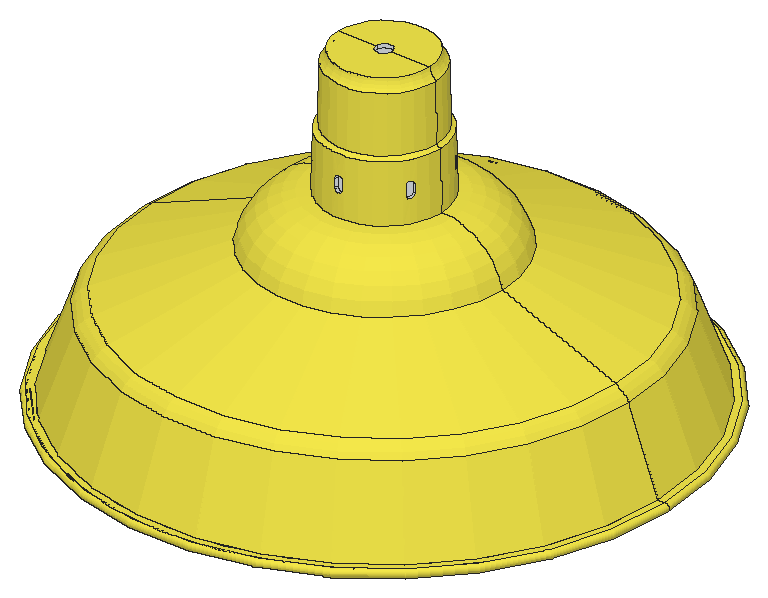
Revit family "V218 SHADE", category Lighting Fixtures, Revit 2024
Family settings
  Round Connector Dimension = Use Diameter
  Part Type = Normal
  OmniClass Number = 23.80.70.00
  OmniClass Title = Lighting
  Work Plane-Based = No
  Always vertical = Yes
  Cut with Voids When Loaded = No
  Light Source = Yes
  Maintain Annotation Orientation = No
  Shared = No
  Room Calculation Point = No
Parameters
  Wattage = 12.1178 W
  built-in parameter 1150110 = 1 (stored number, unit not read)
  built-in parameter 1114217 = 1 (stored number, unit not read)
  built-in parameter 1150109 = 1 (stored number, unit not read)
  built-in parameter 1150134 = (empty or 0)
  built-in parameter 1150113 = 1 (stored number, unit not read)
  Lumens = 1800 lm
  built-in parameter 1150115 = 1 (stored number, unit not read)
  built-in parameter 1150105 = 572.96 (stored number, unit not read)
  Light Source Symbol Size = 2' - 0"
  built-in parameter 1150137 = (empty or 0)
  built-in parameter 1150139 = (empty or 0)
  built-in parameter 1150112 = 1 (stored number, unit not read)
  built-in parameter 1150114 = 1 (stored number, unit not read)
  built-in parameter 1150132 = 2
  built-in parameter 1150102 = (empty or 0)
  built-in parameter 1150138 = (empty or 0)
  built-in parameter 1150107 = 3000 (stored number, unit not read)
  built-in parameter 1150106 = 5.7296 (stored number, unit not read)
  built-in parameter 1150104 = 13.8 (stored number, unit not read)
  Dimming Lamp Color Temperature Shift = (empty or 0)
  Default Elevation = 0' - 0"
  Color Filter = 16777215
  built-in parameter 1114218 = 1 (stored number, unit not read)
  built-in parameter 1150133 = 10 (stored number, unit not read)
Reference planes (in)
  plane 1 "Light Source Axis (F/B)": y = 0
  plane 2: z = 0
  plane 3 "Light Source Axis (L/R)": x = 0
  plane 4 "Light Source Elevation": z = 54
Forms (in)
  Revolve 1, solid
    sketch origin (0, 0, 0) x (1, 0, 0) y (0, 0, 1)
      loop
        arc (-1.44752, 64) -> (-1.5071, 63.81104) -> (-1.62252, 63.65) r 0.62879
        line (-1.62252, 63.65) -> (-1.64989, 61.9)
        arc (-1.64989, 61.9) -> (-1.70573, 61.83898) -> (-1.77869, 61.8) r 0.2452
        line (-1.77869, 61.8) -> (-1.80609, 60)
        arc (-1.80609, 60) -> (-3.03897, 59.59089) -> (-3.74418, 58.5) r 1.9572
        arc (-3.74418, 58.5) -> (-5.56962, 57.86665) -> (-7.3322, 57.07504) r 21.92278
        arc (-7.3322, 57.07504) -> (-7.56823, 56.9098) -> (-7.74735, 56.68412) r 1
        line (-7.74735, 56.68412) -> (-8.64846, 54.25) -> (-8.875, 54.25)
        arc (-8.875, 54.25) -> (-8.95155, 54.02618) -> (-8.75397, 54.15625) r 0.125
        line (-8.75397, 54.15625) -> (-8.5832, 54.15625) -> (-7.6623, 56.64382)
        arc (-7.6623, 56.64382) -> (-7.50109, 56.84424) -> (-7.29006, 56.99129) r 0.90625
        arc (-7.29006, 56.99129) -> (-5.50951, 57.78963) -> (-3.66479, 58.42578) r 21.82903
        arc (-3.66479, 58.42578) -> (-2.96555, 59.52903) -> (-1.71382, 59.90221) r 1.86345
        line (-1.71382, 59.90221) -> (-1.68585, 61.73957)
        arc (-1.68585, 61.73957) -> (-1.61175, 61.79776) -> (-1.55653, 61.87409) r 0.33895
        line (-1.55653, 61.87409) -> (-1.52934, 63.61236)
        arc (-1.52934, 63.61236) -> (-1.43313, 63.75006) -> (-1.37131, 63.90625) r 0.72254
        line (-1.37131, 63.90625) -> (-0.25, 63.90625) -> (-0.25, 64) -> (-1.44752, 64)
      axis (0, 64) -> (0, 54.15625)
    angle from 0 to 360
  Extrusion 2, void
    sketch origin (0, 0, 0) x (1, 0, 0) y (0, 0, 1)
      loop
        arc (0.125, 61.075) -> (0, 61.2) -> (-0.125, 61.075) r 0.125
        line (-0.125, 61.075) -> (-0.125, 60.825)
        arc (-0.125, 60.825) -> (0, 60.7) -> (0.125, 60.825) r 0.125
        line (0.125, 60.825) -> (0.125, 61.075)
    from 0 to 12
  Extrusion 3, void
    sketch origin (0, 0, 0) x (0.5, -0.866025, 0) y (0, 0, 1)
      loop
        arc (0.125, 61.075) -> (0, 61.2) -> (-0.125, 61.075) r 0.125
        line (-0.125, 61.075) -> (-0.125, 60.825)
        arc (-0.125, 60.825) -> (0, 60.7) -> (0.125, 60.825) r 0.125
        line (0.125, 60.825) -> (0.125, 61.075)
    from 0 to 12
  Extrusion 4, void
    sketch origin (0, 0, 0) x (0.5, 0.866025, 0) y (0, 0, 1)
      loop
        arc (0.125, 61.075) -> (0, 61.2) -> (-0.125, 61.075) r 0.125
        line (-0.125, 61.075) -> (-0.125, 60.825)
        arc (-0.125, 60.825) -> (0, 60.7) -> (0.125, 60.825) r 0.125
        line (0.125, 60.825) -> (0.125, 61.075)
    from 0 to 12
  Extrusion 5, void
    sketch origin (0, 0, 0) x (-0.5, 0.866025, 0) y (0, 0, 1)
      loop
        arc (0.125, 61.075) -> (0, 61.2) -> (-0.125, 61.075) r 0.125
        line (-0.125, 61.075) -> (-0.125, 60.825)
        arc (-0.125, 60.825) -> (0, 60.7) -> (0.125, 60.825) r 0.125
        line (0.125, 60.825) -> (0.125, 61.075)
    from 0 to 12
  Extrusion 6, void
    sketch origin (0, 0, 0) x (-1, 0, 0) y (0, 0, 1)
      loop
        arc (0.125, 61.075) -> (0, 61.2) -> (-0.125, 61.075) r 0.125
        line (-0.125, 61.075) -> (-0.125, 60.825)
        arc (-0.125, 60.825) -> (0, 60.7) -> (0.125, 60.825) r 0.125
        line (0.125, 60.825) -> (0.125, 61.075)
    from 0 to 12
  Extrusion 7, void
    sketch origin (0, 0, 0) x (-0.5, -0.866025, 0) y (0, 0, 1)
      loop
        arc (0.125, 61.075) -> (0, 61.2) -> (-0.125, 61.075) r 0.125
        line (-0.125, 61.075) -> (-0.125, 60.825)
        arc (-0.125, 60.825) -> (0, 60.7) -> (0.125, 60.825) r 0.125
        line (0.125, 60.825) -> (0.125, 61.075)
    from 0 to 12
Cuts and joins
  Extrusion 2, Extrusion 3, Extrusion 4, Extrusion 5, Extrusion 6, Extrusion 7 cuts Revolve 1
Dimensions and locks (in)
  aligned and locked: plane 3 "Light Source Axis (L/R)" to imposter light
  aligned and locked: plane 1 "Light Source Axis (F/B)" to imposter light
  aligned and locked: plane 4 "Light Source Elevation" to imposter light
  aligned and locked: level to plane 2
